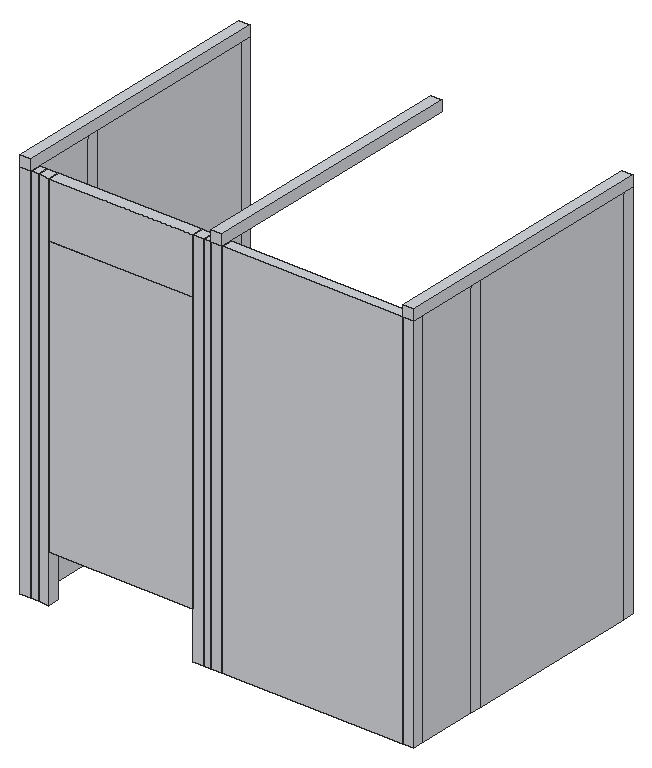
Revit family "TLWM ADA", category Specialty Equipment, Revit 2016
Family settings
  Part Type = Normal
  Round Connector Dimension = Use Diameter
  Work Plane-Based = No
  Always vertical = Yes
  Cut with Voids When Loaded = No
  Shared = No
  Room Calculation Point = No
Parameters
  Tall Version 108 [instance] = no
  System Height [instance] = if((Tall Version 108), 9' 0", 8' 0")  # 8' - 0"
  Starter [instance] = yes
  Short Version 96 [instance] = not(Tall Version 108)  # yes
  Flip Door Swing [instance] = no
Reference planes (in)
  plane 1 "Center (Front/Back)": y = 0
  plane 2: z = 0
  plane 3 "Center (Left/Right)": x = 0
  plane 4: y = 18
  plane 5: x = -48
  plane 6: z = 96
  plane 7: x = -96
  plane 8: y = 66
Dimensions and locks (in)
  "System Height": plane 6 to plane 2
  locked: plane 7 to plane 5 at 48
  plane 1 "Center (Front/Back)" to plane 4 to plane 8 = 1' - 6", 4' - 0"
  plane 5 to plane 3 "Center (Left/Right)" = 4' - 0"
  aligned and locked: level to plane 2
  aligned and locked: nested 2 to nested 1
  aligned and locked: nested 1 to nested 3
  aligned and locked: nested 4 to nested 5
  aligned and locked: nested 4 to plane 3 "Center (Left/Right)"
  aligned and locked: nested 5 to nested 4
  aligned and locked: nested 5 to plane 4
  aligned and locked: plane 5 to nested 3
  aligned and locked: level to nested 4
  aligned and locked: nested 2 to level
  aligned and locked: nested 3 to plane 2
  aligned and locked: nested 1 to plane 2
  aligned and locked: nested 2 to plane 2
  aligned and locked: plane 2 to nested 5
  aligned and locked: nested 6 to plane 5
  aligned and locked: nested 6 to plane 7
  aligned and locked: nested 8 to nested 9
  aligned and locked: nested 9 to nested 8
  aligned and locked: level to nested 8
  aligned and locked: nested 7 to level
  aligned and locked: nested 9 to plane 4
  aligned and locked: plane 1 "Center (Front/Back)" to nested 8
  aligned and locked: nested 8 to plane 7
  aligned and locked: plane 7 to nested 7
  aligned and locked: plane 3 "Center (Left/Right)" to nested 2
  aligned and locked: nested 4 to plane 1 "Center (Front/Back)"
  aligned and locked: nested 10 to nested 11
  aligned and locked: nested 11 to nested 10
  aligned and locked: level to nested 10
  aligned and locked: plane 8 to nested 11
  aligned and locked: nested 10 to plane 4
  aligned and locked: nested 12 to nested 13
  aligned and locked: nested 13 to nested 12
  aligned and locked: level to nested 12
  aligned and locked: plane 8 to nested 13
  aligned and locked: plane 8 to nested 10
  aligned and locked: nested 12 to plane 4
  aligned and locked: nested 12 to plane 7
  aligned and locked: plane 1 "Center (Front/Back)" to nested 14
  aligned and locked: nested 14 to plane 8
  aligned and locked: plane 5 to nested 14
  aligned and locked: plane 1 "Center (Front/Back)" to nested 15
  aligned and locked: nested 15 to plane 8
  aligned and locked: plane 3 "Center (Left/Right)" to nested 15
  aligned and locked: nested 16 to plane 8
  aligned and locked: nested 16 to plane 1 "Center (Front/Back)"
  aligned and locked: plane 7 to nested 16
Nested families (in)
  nested 1: "FRV2P Panels" at (0, 0, 0), Panel Height <- "System Height", type "FRV2P Panels"
    with Panel Width 4' - 0", Panel Height 8' - 0"
  nested 2: "FRV2U Posts" at (0, 0, 0), Post Height <- "System Height", type "FRV2U Posts"
    with Post Height 8' - 0"
  nested 3: "FRV2U Posts" at (-48, 0, 0), Post Height <- "System Height", type "FRV2U Posts"
    with Post Height 8' - 0"
  nested 4: "FRV2P Panels" at (0, 0, 0) x (0, -1, 0) z (0, 0, 1), Panel Height <- "System Height", type "FRV2P Panels"
    with Panel Width 1' - 6", Panel Height 8' - 0"
  nested 5: "FRV2U Posts" at (0, 18, 0) x (0, -1, 0) z (0, 0, 1), Post Height <- "System Height", type "FRV2U Posts"
    with Post Height 8' - 0"
  nested 6: "FRV2PD Door" at (-48, 0, 0), System Height <- "System Height", type "FRV2PD Door"
    with Upper Panel 1' - 2", System Height 8' - 0", Right Hinge no, Left Hinge yes
  nested 7: "FRV2U Posts" at (-96, 0, 0), Post Height <- "System Height", visible <- "Starter", type "FRV2U Posts"
    with Post Height 8' - 0"
  nested 8: "FRV2P Panels" at (-96, 0, 0) x (0, -1, 0) z (0, 0, 1), Panel Height <- "System Height", visible <- "Starter", type "FRV2P Panels"
    with Panel Width 1' - 6", Panel Height 8' - 0"
  nested 9: "FRV2U Posts" at (-96, 18, 0) x (0, -1, 0) z (0, 0, 1), Post Height <- "System Height", visible <- "Starter", type "FRV2U Posts"
    with Post Height 8' - 0"
  nested 10: "FRV2P Panels" at (0, 18, 0) x (0, -1, 0) z (0, 0, 1), Panel Height <- "System Height", type "FRV2P Panels"
    with Panel Width 4' - 0", Panel Height 8' - 0"
  nested 11: "FRV2U Posts" at (0, 66, 0) x (0, -1, 0) z (0, 0, 1), Post Height <- "System Height", type "FRV2U Posts"
    with Post Height 8' - 0"
  nested 12: "FRV2P Panels" at (-96, 18, 0) x (0, -1, 0) z (0, 0, 1), Panel Height <- "System Height", visible <- "Starter", type "FRV2P Panels"
    with Panel Width 4' - 0", Panel Height 8' - 0"
  nested 13: "FRV2U Posts" at (-96, 66, 0) x (0, -1, 0) z (0, 0, 1), Post Height <- "System Height", visible <- "Starter", type "FRV2U Posts"
    with Post Height 8' - 0"
  nested 14: "Family5" at (-48, 0, 0), System Height <- "System Height", type "Family5"
    with Tube Height 8' - 2 3/4", System Height 8' - 0", Nominal Width 5' - 6"
  nested 15: "Family5" at (0, 0, 0), System Height <- "System Height", type "Family5"
    with Tube Height 8' - 2 3/4", System Height 8' - 0", Nominal Width 5' - 6"
  nested 16: "Family5" at (-96, 0, 0), System Height <- "System Height", visible <- "Starter", type "Family5"
    with Tube Height 8' - 2 3/4", System Height 8' - 0", Nominal Width 5' - 6"
Definition of nested family "FRV2P Panels"
  Parameters (values of type "FRV2P Panels")
    Panel Width [instance] = 4' - 0"
    Panel Height [instance] = 8' - 0"
  Reference planes (in)
    plane 1 "Center (Front/Back)": y = 0
    plane 2: z = 0
    plane 3 "Center (Left/Right)": x = 0
    plane 4: x = -48
    plane 5: z = 96
  Forms (in)
    Extrusion 1, solid
      sketch origin (4.89012, 0, 0) x (1, 0, 0) y (0, 1, 0)
        loop
          line (-6.26512, 1.375) -> (-51.51512, 1.375) -> (-51.51512, -1.375) -> (-6.26512, -1.375) -> (-6.26512, 1.375)
      from 0 to 96
  Dimensions and locks (in)
    locked: Extrusion 1 sketch curve to Extrusion 1 sketch curve at 2.75
    plane 1 "Center (Front/Back)" to Extrusion 1 sketch curve = 0' - 1 3/8"
    Extrusion 1 to Extrusion 1 = 3' - 9 1/4"
    "Panel Width": plane 4 to plane 3 "Center (Left/Right)"
    plane 4 to Extrusion 1 = 0' - 1 3/8"
    locked: plane 4 to Extrusion 1 sketch curve at 1.375
    locked: Extrusion 1 sketch curve to plane 3 "Center (Left/Right)" at 1.375
    "Panel Height": plane 5 to plane 2
    aligned and locked: level to plane 2
    aligned and locked: Extrusion 1 to plane 5
Definition of nested family "FRV2U Posts"
  Parameters (values of type "FRV2U Posts")
    Post Height [instance] = 8' - 0"
  Reference planes (in)
    plane 1 "Center (Front/Back)": y = 0
    plane 2: z = 0
    plane 3 "Center (Left/Right)": x = 0
    plane 4: z = 96
  Forms (in)
    Extrusion 1, solid
      sketch origin (0, 0, 0) x (1, 0, 0) y (0, 1, 0)
        loop
          line (-1.375, 1.375) -> (-1.375, -1.375) -> (1.375, -1.375) -> (1.375, 1.375) -> (-1.375, 1.375)
      from 0 to 96
  Dimensions and locks (in)
    locked: Extrusion 1 to Extrusion 1 at 2.75  (x2)
    "Post Height": plane 4 to plane 2
    aligned and locked: level to plane 2
    aligned and locked: Extrusion 1 to plane 4
  Automatic sketch dimensions
    Extrusion 1 sketch curve to plane 3 "Center (Left/Right)" = 0' - 1 3/8"
    plane 3 "Center (Left/Right)" to Extrusion 1 sketch curve = 0' - 1 3/8"
    plane 1 "Center (Front/Back)" to Extrusion 1 sketch curve = 0' - 1 3/8"
    Extrusion 1 sketch curve to plane 1 "Center (Front/Back)" = 0' - 1 3/8"
Definition of nested family "FRV2PD Door"
  Parameters (values of type "FRV2PD Door")
    System Height [instance] = 8' - 0"
    Upper Panel [instance] = System Height - 6' 10"  # 1' - 2"
    Right Hinge [instance] = no
    Left Hinge [instance] = not(Right Hinge)  # yes
  Reference planes (in)
    plane 1 "Center (Front/Back)": y = 0
    plane 2: z = 0
    plane 3 "Center (Left/Right)": x = 0
    plane 4: x = -48
    plane 5: z = 96
  Lines and regions (in)
    model lines, visible <- "Left Hinge"
      curve 1: line (-42, -1.375, 0) -> (-42, -37.375, 0)
      curve 2: arc (-42, -37.375, 0) -> (-16.54416, -26.83084, 0) -> (-6, -1.375, 0) r 36
    model lines, visible <- "Right Hinge"
      curve 3: line (-6, -1.375, 0) -> (-6, -37.375, 0)
      curve 4: arc (-6, -37.375, 0) -> (-31.45584, -26.83084, 0) -> (-42, -1.375, 0) r 36
  Dimensions and locks (in)
    nested 2 to plane 3 "Center (Left/Right)" = 0' - 4 5/8"
    nested 3 to nested 3 = 3' - 0"
    nested 4 to nested 3 = 3' - 2 3/4"
    nested 3 to plane 2 = 6' - 10"
    locked: nested 3 to plane 2 at 12
    "System Height": plane 5 to plane 2
    plane 4 to plane 3 "Center (Left/Right)" = 4' - 0"  (x2)
    plane 4 to nested 5 = 0' - 4 5/8"
    nested 5 to nested 3 = 3' - 2 3/4"
    aligned and locked: level to plane 2
    aligned and locked: nested 2 to nested 1
    aligned and locked: plane 4 to nested 5
    aligned and locked: nested 6 to nested 3
    aligned and locked: nested 2 to nested 3
    aligned and locked: nested 5 to nested 4
    aligned and locked: nested 3 to nested 4
    aligned and locked: nested 2 to nested 6
    aligned and locked: nested 5 to nested 6
  Automatic sketch dimensions
    plane 4 to curve 1 = 0' - 6"
    curve 3 to plane 3 "Center (Left/Right)" = 0' - 6"
    plane 1 "Center (Front/Back)" to curve 1 = 3' - 1 3/8"
    curve 1 to curve 3 = 0' - 0"
    plane 1 "Center (Front/Back)" to curve 2 = 0' - 1 3/8"
    curve 4 to curve 2 = 0' - 0"
    curve 3 to curve 4 = 0' - 0"
    curve 1 to curve 2 = 0' - 0"
  Nested families (in)
    nested 1: "FRV2P Panels" at (0, 0, 0), Panel Height <- "System Height", type "FRV2P Panels"
      with Panel Width 0' - 4 5/8", Panel Height 8' - 0"
    nested 2: "FRV2U Posts" at (-4.625, 0, 0), Post Height <- "System Height", type "FRV2U Posts"
      with Post Height 8' - 0"
    nested 3: "FRV2P Panels" at (-4.625, 0, 12), type "FRV2P Panels"
      with Panel Width 3' - 2 3/4", Panel Height 5' - 10"
    nested 4: "FRV2U Posts" at (-43.375, 0, 0), Post Height <- "System Height", type "FRV2U Posts"
      with Post Height 8' - 0"
    nested 5: "FRV2P Panels" at (-43.375, 0, 0), Panel Height <- "System Height", type "FRV2P Panels"
      with Panel Width 0' - 4 5/8", Panel Height 8' - 0"
    nested 6: "FRV2P Panels" at (-4.625, 0, 82), Panel Height <- "Upper Panel", type "FRV2P Panels"
      with Panel Width 3' - 2 3/4", Panel Height 1' - 2"
  Definition of nested family "FRV2P Panels"
    Parameters (values of type "FRV2P Panels")
      Panel Width [instance] = 4' - 0"
      Panel Height [instance] = 8' - 0"
    Reference planes (in)
      plane 1 "Center (Front/Back)": y = 0
      plane 2: z = 0
      plane 3 "Center (Left/Right)": x = 0
      plane 4: x = -48
      plane 5: z = 96
    Forms (in)
      Extrusion 1, solid
        sketch origin (4.89012, 0, 0) x (1, 0, 0) y (0, 1, 0)
          loop
            line (-6.26512, 1.375) -> (-51.51512, 1.375) -> (-51.51512, -1.375) -> (-6.26512, -1.375) -> (-6.26512, 1.375)
        from 0 to 96
    Dimensions and locks (in)
      locked: Extrusion 1 sketch curve to Extrusion 1 sketch curve at 2.75
      plane 1 "Center (Front/Back)" to Extrusion 1 sketch curve = 0' - 1 3/8"
      Extrusion 1 to Extrusion 1 = 3' - 9 1/4"
      "Panel Width": plane 4 to plane 3 "Center (Left/Right)"
      plane 4 to Extrusion 1 = 0' - 1 3/8"
      locked: plane 4 to Extrusion 1 sketch curve at 1.375
      locked: Extrusion 1 sketch curve to plane 3 "Center (Left/Right)" at 1.375
      "Panel Height": plane 5 to plane 2
      aligned and locked: level to plane 2
      aligned and locked: Extrusion 1 to plane 5
  Definition of nested family "FRV2U Posts"
    Parameters (values of type "FRV2U Posts")
      Post Height [instance] = 8' - 0"
    Reference planes (in)
      plane 1 "Center (Front/Back)": y = 0
      plane 2: z = 0
      plane 3 "Center (Left/Right)": x = 0
      plane 4: z = 96
    Forms (in)
      Extrusion 1, solid
        sketch origin (0, 0, 0) x (1, 0, 0) y (0, 1, 0)
          loop
            line (-1.375, 1.375) -> (-1.375, -1.375) -> (1.375, -1.375) -> (1.375, 1.375) -> (-1.375, 1.375)
        from 0 to 96
    Dimensions and locks (in)
      locked: Extrusion 1 to Extrusion 1 at 2.75  (x2)
      "Post Height": plane 4 to plane 2
      aligned and locked: level to plane 2
      aligned and locked: Extrusion 1 to plane 4
    Automatic sketch dimensions
      Extrusion 1 sketch curve to plane 3 "Center (Left/Right)" = 0' - 1 3/8"
      plane 3 "Center (Left/Right)" to Extrusion 1 sketch curve = 0' - 1 3/8"
      plane 1 "Center (Front/Back)" to Extrusion 1 sketch curve = 0' - 1 3/8"
      Extrusion 1 sketch curve to plane 1 "Center (Front/Back)" = 0' - 1 3/8"
Definition of nested family "Family5"
  Parameters (values of type "Family5")
    Tube Height [instance] = System Height + 0' 2 3/4"  # 4' - 2 3/4"
    System Height [instance] = 4' - 0"
    Nominal Width [instance] = 5' - 0"
  Reference planes (in)
    plane 1 "Center (Front/Back)": y = 0
    plane 2: z = 0
    plane 3 "Center (Left/Right)": x = 0
    plane 4: y = 60
  Forms (in)
    Extrusion 1, solid
      sketch origin (0, 0, 0) x (1, 0, 0) y (0, 1, 0)
        loop
          line (-1.375, 61.375) -> (-1.375, -1.375) -> (1.375, -1.375) -> (1.375, 61.375) -> (-1.375, 61.375)
      from 48 <- "System Height" to 50.75 <- "Tube Height"
  Dimensions and locks (in)
    "Nominal Width": plane 1 "Center (Front/Back)" to plane 4
    locked: plane 4 to Extrusion 1 sketch curve at 1.375
    Extrusion 1 sketch curve to Extrusion 1 sketch curve = 0' - 2 3/4"
    locked: Extrusion 1 sketch curve to plane 1 "Center (Front/Back)" at 1.375
    locked: Extrusion 1 sketch curve to Extrusion 1 sketch curve at 2.75
    aligned and locked: level to plane 2
  Automatic sketch dimensions
    Extrusion 1 sketch curve to plane 3 "Center (Left/Right)" = 0' - 1 3/8"
